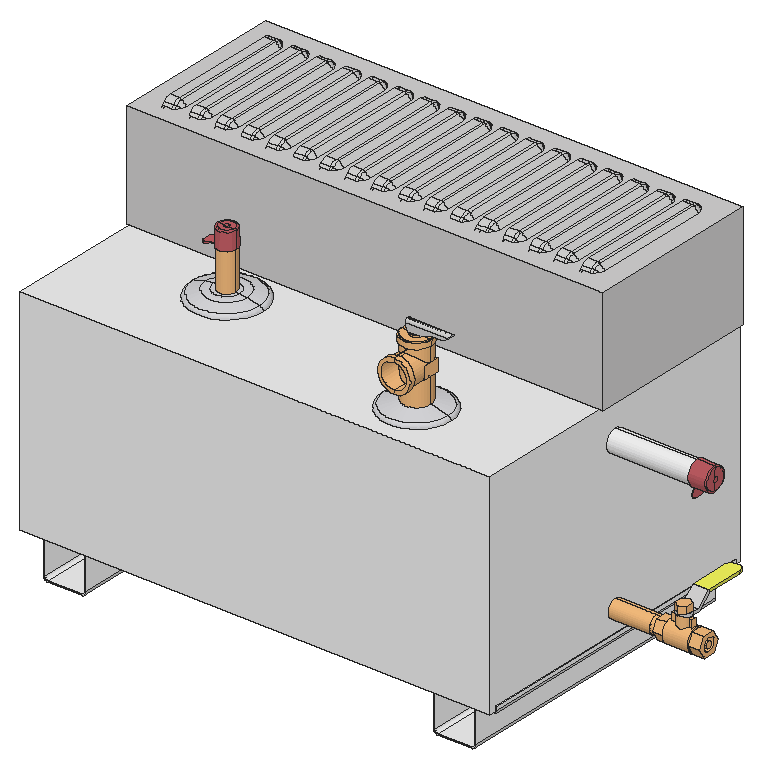
Revit family "Shower-Steam_Generator-KOHLER-Invigoration_Series-K-32328", category Plumbing Fixtures, host Face, Revit 2021
Family settings
  Host = Face
  Round Connector Dimension = Use Diameter
  Part Type = Normal
  OmniClass Number = 23.21.29.19.19
  OmniClass Title = Steam Room Equipment
  Cut with Voids When Loaded = No
  Shared = No
  Room Calculation Point = No
Parameters (values of type "NA-Stainless")
  Width = 21.85685"  # constant formula
  WaterSense Certified = 1 = 0  # no
  Waste Water Outlet = "Waste Water Outlet"  # constant formula
  Waste Connection = 1 = 1  # yes
  Voltage = 0 V
  Vent Connection = 1 = 1  # yes
  URL = "https://www.us.kohler.com/us/"
  Type = 1
  Steam Outlet = "Steam Outlet"  # constant formula
  Steam Connection = 1 = 1  # yes
  Product Page URL = "http://www.us.kohler.com/us/catalog/productDetails.jsp?productNumber=32328"
  Product Name = "Invigoration Series"  # constant formula
  Product Documentation Link = "https://www.us.kohler.com/webassets/kpna/catalog/pdf/en/K-32328_spec_US-CA_Kohler_en.pdf"
  Pressure Relief = "Pressure Relief"  # constant formula
  Pressure = 0.00 psi
  Model = "K-32328-NA"  # constant formula
  Material = "Premium Metal Construction"  # constant formula
  Master Format 2014 Name = "Residential Faucets, Supplies, and Trim"  # constant formula
  Master Format 2014 = "22 41 39"  # constant formula
  Manufacturer Address = "444 Highland Dr, Kohler, WI 53044"  # constant formula
  Manufacturer = "Kohler Co."  # constant formula
  Length = 11.73622"  # constant formula
  Hot Water Inlet = "Hot Water Inlet"  # constant formula
  Height = 13.73508"  # constant formula
  Handle Clearance 2 = 1.34409"  # constant formula
  Handle Clearance 1 = 2.54787"  # constant formula
  HW Connection = 1 = 1  # yes
  Flow Rate = 0 GPM
  Finish = Kohler-Metal-NA-Anodized_Aluminum
  Environmental Product Declaration = ""
  Electrical Note = "One Dedicated Circuit Required"  # constant formula
  Electrical Connector = 1 = 1  # yes
  Drain Included = 1 = 1  # yes
  Description = "13 KW Steam Generator"  # constant formula
  Default Elevation = 0"
  Declare Label = ""
  Date Modified = "04/30/2024"  # constant formula
  Date Created = "04/30/2024"  # constant formula
  Copyright = "Copyright Kohler Co."  # constant formula
  Contact Us = "https://www.us.kohler.com/us/static/contact.jsp"
  Cold Water Inlet = "Cold Water Inlet"  # constant formula
  CW Connection = 1 = 1  # yes
  Assembly Code = "D2010"
  Apparent Load = 13000 VA  # constant formula
  ADA Compliant = 1 = 0  # no
Reference planes (in)
  plane 1 "Center (Front/Back)": y = 0
  plane 2: z = 0
  plane 3 "Center (Left/Right)": x = 0
  plane 4: y = 5.86811
  plane 5: x = -9.04331
  plane 6: x = -9.22301
  plane 7: x = 12.63384
  plane 8: y = -3.99879
  plane 9: y = -2.30118
  plane 10: z = 13.73508
  plane 11: z = 1.53543
  plane 12: z = 2.55906
  plane 13: z = 8.22441
  plane 14: z = 11.10236
  plane 15: x = 4.59843
  plane 16: y = -0.70669
  plane 17: y = -5.86811
  plane 18: x = -4.07087
  plane 19: x = 8.9685
  plane 20: x = -8.9685
  plane 21: z = 9.56693
  plane 22: z = 11.98538
  plane 23: x = 8.86614
  plane 24: z = 13.53937
  plane 25: y = 5.62992
  plane 26: y = -5.63976
  plane 27: y = 2.53801
  plane 28: x = 5.94252
  plane 29: y = -0.00986
  plane 30: x = -3.91208
  plane 31: y = -5.06881
  plane 32: x = 12.39272
  plane 33: z = 6.91806
  plane 34: y = 1.4764
Dimensions and locks (in)
  plane 4 to plane 1 "Center (Front/Back)" = 5.86811"
  "Length": plane 4 to plane 17
  plane 9 to plane 17 = 3.56693"
  nested 1 to plane 18 = 4.89764"
  plane 15 to plane 19 = 4.37008"
  plane 8 to plane 17 = 1.86932"
  plane 20 to plane 19 = 17.93701"
  nested 1 to nested 1 = 2.41845"
  nested 1 to plane 7 = 3.7677"
  plane 13 to host face = 8.22441"
  plane 11 to host face = 1.53543"
  nested 1 to host face = 13.53937"
  plane 21 to plane 14 = 1.53543"
  plane 4 to plane 16 = 6.5748"
  host face to plane 24 = 13.53937"
  host face to plane 12 = 2.55906"
  plane 21 to host face = 9.56693"
  "Handle Clearance 1": plane 27 to plane 29
  "Handle Clearance 2": plane 15 to plane 28
  "Width": plane 6 to plane 7
  "Height": plane 10 to level
  aligned and locked: plane 2 to host face
  aligned and locked: level to host face
Automatic sketch dimensions
  host sketch curve to host sketch curve = 96"  (x2)
Nested families (in)
  nested 1: "K-32328" at (0, 0, 0), type "K-32328"
Connectors (in)
  piping at (12.63386, 0, 8.22441), diameter 0.5, driven by "Steam Connection", driven by "Steam Outlet"
    settings: on nested 1, index 1, connector inside diameter 24", connector length 0", flow factor 0, pipe flow 0 GPM, pressure drop 0.00 psi, fitting loss kfactor 0, connector angle 0.00°, fixture units 0, engagement length 0", angle of deflection 0.00°, flow configuration 0, flow direction 2, fitting loss method 0, system type 22, joint type 0, gender type 0, connector reference index -1, connector utility 1, adjustable connector no, is connector primary yes, connector description "Steam Outlet"
  piping at (-3.91208, -2.30118, 11.98538), diameter 0.375, driven by "CW Connection", driven by "Cold Water Inlet"
    settings: on nested 1, index 2, connector inside diameter 24", connector length 0", flow factor 0, pipe flow 0 GPM, pressure drop 0.00 psi, fitting loss kfactor 0, connector angle 0.00°, fixture units 0, engagement length 0", angle of deflection 0.00°, flow configuration 0, flow direction 1, fitting loss method 0, system type 22, joint type 0, gender type 0, connector reference index -1, connector utility 1, adjustable connector no, is connector primary no, connector description "Cold Water Inlet"
  piping at (4.59843, -5.06871, 11.10236), diameter 0.375, driven by "Vent Connection", driven by "Pressure Relief"
    settings: on nested 1, index 3, connector inside diameter 24", connector length 0", flow factor 0, pipe flow 0 GPM, pressure drop 0.00 psi, fitting loss kfactor 0, connector angle 0.00°, fixture units 0, engagement length 0", angle of deflection 0.00°, flow configuration 0, flow direction 2, fitting loss method 0, system type 17, joint type 0, gender type 0, connector reference index -1, connector utility 1, adjustable connector no, is connector primary no, connector description "Pressure Relief"
  electrical at (-8.84787, 1.4764, 6.91806), driven by "Apparent Load", driven by "Electrical Connector", driven by "Electrical Note"
    settings: on nested 1, index 5, voltage 0 V, apparent load 13000 VA, apparent load phase1 0 VA, apparent load phase2 0 VA, apparent load phase3 0 VA, power factor 1, load classification "Power", number of poles 1, system type 30, power factor state 1, is connector primary yes, connector utility yes, sub classification motor no, connector description "One Dedicated Circuit Required"
  piping at (12.39272, -0.00984, 2.55906), diameter 0.375, driven by "Waste Connection", driven by "Waste Water Outlet"
    settings: on nested 1, index 6, connector inside diameter 24", connector length 0", flow factor 0, pipe flow 0 GPM, pressure drop 0.00 psi, fitting loss kfactor 0, connector angle 0.00°, fixture units 0, engagement length 0", angle of deflection 0.00°, flow configuration 0, flow direction 2, fitting loss method 0, system type 16, joint type 0, gender type 0, connector reference index -1, connector utility 1, adjustable connector no, is connector primary no, connector description "Waste Water Outlet"
Definition of nested family "K-32328"
  Parameters
    Material = none
    Default Elevation = 0"
  Reference planes (in)
    plane 1 "Center (Front/Back)": y = 0
    plane 2: z = 0
    plane 3 "Center (Left/Right)": x = 0
    plane 4: x = 8.9685
    plane 5: x = -8.9685
    plane 6: x = 12.63386
    plane 7: x = 8.86614
    plane 8: z = 13.53937
    plane 9: z = 1.53543
    plane 10: z = 8.22441
    plane 11: x = 12.39272
    plane 12: z = 9.56693
    plane 13: z = 2.55906
    plane 14: z = 11.10236
    plane 15: y = 5.86811
    plane 16: y = -5.86811
    plane 17: y = -0.00984
    plane 18: x = -4.07087
    plane 19 "FF": x = 4.59843
    plane 20 "revv": y = -2.30118
    plane 21: y = -0.70669
    plane 22 "ff": y = -3.99879
    plane 23: z = 6.91806
    plane 24: y = 1.4764
    plane 25: y = 0.82679
    plane 26: y = 0.13782
    plane 27 "scrr": y = 5.67129
    plane 28: x = -9.04331
    plane 29: x = -9.22301
    plane 30: z = 13.73509
    plane 31: x = -3.91208
    plane 32: z = 11.98538
    plane 33: y = -5.63976
    plane 34: y = 5.62992
    plane 35: y = 2.53801
    plane 36: x = 5.9425
  Forms (in)
    Extrusion 1, solid, material <- "Material"
      sketch origin (0, 0, 0) x (1, 0, 0) y (0, 0, 1)
        loop
          line (-8.12992, 1.37672) -> (-8.12992, 0.15625)
          arc (-8.12992, 0.15625) -> (-8.0838, 0.04489) -> (-7.97244, -0.00123) r 0.15748
          line (-7.97244, -0.00123) -> (-6.70472, -0.00123)
          arc (-6.70472, -0.00123) -> (-6.59337, 0.04489) -> (-6.54724, 0.15625) r 0.15748
          line (-6.54724, 0.15625) -> (-6.54724, 1.37672)
          arc (-6.54724, 1.37672) -> (-6.51265, 1.46024) -> (-6.42913, 1.49483) r 0.11811
          line (-6.42913, 1.49483) -> (-6.0748, 1.49483) -> (-6.0748, 1.5342) -> (-6.42913, 1.5342)
          arc (-6.42913, 1.5342) -> (-6.54049, 1.48808) -> (-6.58661, 1.37672) r 0.15748
          line (-6.58661, 1.37672) -> (-6.58661, 0.15625)
          arc (-6.58661, 0.15625) -> (-6.62121, 0.07273) -> (-6.70472, 0.03814) r 0.11811
          line (-6.70472, 0.03814) -> (-7.97244, 0.03814)
          arc (-7.97244, 0.03814) -> (-8.05596, 0.07273) -> (-8.09055, 0.15625) r 0.11811
          line (-8.09055, 0.15625) -> (-8.09055, 1.37672)
          arc (-8.09055, 1.37672) -> (-8.13668, 1.48808) -> (-8.24803, 1.5342) r 0.15748
          line (-8.24803, 1.5342) -> (-8.84252, 1.5342)
          arc (-8.84252, 1.5342) -> (-8.87036, 1.54573) -> (-8.88189, 1.57357) r 0.03937
          line (-8.88189, 1.57357) -> (-8.88189, 1.73105) -> (-8.92126, 1.73105) -> (-8.92126, 1.57357)
          arc (-8.92126, 1.57357) -> (-8.8982, 1.5179) -> (-8.84252, 1.49483) r 0.07874
          line (-8.84252, 1.49483) -> (-8.24803, 1.49483)
          arc (-8.24803, 1.49483) -> (-8.16451, 1.46024) -> (-8.12992, 1.37672) r 0.11811
        loop
          line (6.58661, 0.15625) -> (6.58661, 1.37672)
          arc (6.58661, 1.37672) -> (6.54049, 1.48808) -> (6.42913, 1.5342) r 0.15748
          line (6.42913, 1.5342) -> (6.0748, 1.5342) -> (6.0748, 1.49483) -> (6.42913, 1.49483)
          arc (6.42913, 1.49483) -> (6.51265, 1.46024) -> (6.54724, 1.37672) r 0.11811
          line (6.54724, 1.37672) -> (6.54724, 0.15625)
          arc (6.54724, 0.15625) -> (6.59337, 0.04489) -> (6.70472, -0.00123) r 0.15748
          line (6.70472, -0.00123) -> (7.97244, -0.00123)
          arc (7.97244, -0.00123) -> (8.0838, 0.04489) -> (8.12992, 0.15625) r 0.15748
          line (8.12992, 0.15625) -> (8.12992, 1.37672)
          arc (8.12992, 1.37672) -> (8.16451, 1.46024) -> (8.24803, 1.49483) r 0.11811
          line (8.24803, 1.49483) -> (8.84252, 1.49483)
          arc (8.84252, 1.49483) -> (8.8982, 1.5179) -> (8.92126, 1.57357) r 0.07874
          line (8.92126, 1.57357) -> (8.92126, 1.73105) -> (8.88189, 1.73105) -> (8.88189, 1.57357)
          arc (8.88189, 1.57357) -> (8.87036, 1.54573) -> (8.84252, 1.5342) r 0.03937
          line (8.84252, 1.5342) -> (8.24803, 1.5342)
          arc (8.24803, 1.5342) -> (8.13668, 1.48808) -> (8.09055, 1.37672) r 0.15748
          line (8.09055, 1.37672) -> (8.09055, 0.15625)
          arc (8.09055, 0.15625) -> (8.05596, 0.07273) -> (7.97244, 0.03814) r 0.11811
          line (7.97244, 0.03814) -> (6.70472, 0.03814)
          arc (6.70472, 0.03814) -> (6.62121, 0.07273) -> (6.58661, 0.15625) r 0.11811
      from -5.6201 to 5.63974
    Extrusion 2, solid, material <- "Material", detail levels medium+fine
      sketch origin (0, 0, 0) x (1, 0, 0) y (0, 1, 0)
        loop
          line (-8.84787, -5.86811) -> (8.84399, -5.86811) -> (8.84399, 5.86811) -> (-8.84787, 5.86811) -> (-8.84787, -5.86811)
      from 1.5342 to 9.5657
    Extrusion 3, solid, detail levels medium+fine
      sketch origin (0, 0, 0) x (1, 0, 0) y (0, 1, 0)
        loop
          line (8.9685, -0.70667) -> (8.9685, 5.86813) -> (-8.9685, 5.86813) -> (-8.9685, -0.70667) -> (8.9685, -0.70667)
      from 9.5657 to 13.53814
    Sweep 4, solid, detail levels medium+fine
      path origin (0, 0, 0) x (0, 1, 0) y (0, 0, 1)
        loop
          line (5.18847, 13.50127) -> (5.07006, 13.61968)
          arc (5.07006, 13.61968) -> (4.94233, 13.70502) -> (4.79167, 13.73499) r 0.3937
          line (4.79167, 13.73499) -> (0.36979, 13.73499)
          arc (0.36979, 13.73499) -> (0.21913, 13.70502) -> (0.0914, 13.61968) r 0.3937
          line (0.0914, 13.61968) -> (-0.04723, 13.48104)
      profile origin (0, 2.58073, 13.73499) x (0, 0, -1) y (1, 0, 0)
        loop
          line (0, 0.04163) -> (0, -0.30315) -> (0.03459, -0.30315) -> (0.03459, 0.0068)
          arc (0.03459, 0.0068) -> (0.04477, 0.05794) -> (0.07373, 0.10129) r 0.13363
          line (0.07373, 0.10129) -> (0.21223, 0.23979) -> (0.21223, 0.30278) -> (0.03459, 0.12514)
          arc (0.03459, 0.12514) -> (0.00899, 0.08683) -> (0, 0.04163) r 0.11811
    Sweep 5, solid, detail levels medium+fine
      path origin (0.98425, 0, 0) x (0, 1, 0) y (0, 0, 1)
        loop
          line (5.18847, 13.50127) -> (5.07006, 13.61968)
          arc (5.07006, 13.61968) -> (4.94233, 13.70502) -> (4.79167, 13.73499) r 0.3937
          line (4.79167, 13.73499) -> (0.36979, 13.73499)
          arc (0.36979, 13.73499) -> (0.21913, 13.70502) -> (0.0914, 13.61968) r 0.3937
          line (0.0914, 13.61968) -> (-0.04723, 13.48104)
      profile origin (0.98425, 2.58073, 13.73499) x (0, 0, -1) y (1, 0, 0)
        loop
          line (0, 0.04163) -> (0, -0.30315) -> (0.03459, -0.30315) -> (0.03459, 0.0068)
          arc (0.03459, 0.0068) -> (0.04477, 0.05794) -> (0.07373, 0.10129) r 0.13363
          line (0.07373, 0.10129) -> (0.21223, 0.23979) -> (0.21223, 0.30278) -> (0.03459, 0.12514)
          arc (0.03459, 0.12514) -> (0.00899, 0.08683) -> (0, 0.04163) r 0.11811
    Sweep 6, solid, detail levels medium+fine
      path origin (1.9685, 0, 0) x (0, 1, 0) y (0, 0, 1)
        loop
          line (5.18847, 13.50127) -> (5.07006, 13.61968)
          arc (5.07006, 13.61968) -> (4.94233, 13.70502) -> (4.79167, 13.73499) r 0.3937
          line (4.79167, 13.73499) -> (0.36979, 13.73499)
          arc (0.36979, 13.73499) -> (0.21913, 13.70502) -> (0.0914, 13.61968) r 0.3937
          line (0.0914, 13.61968) -> (-0.04723, 13.48104)
      profile origin (1.9685, 2.58073, 13.73499) x (0, 0, -1) y (1, 0, 0)
        loop
          line (0, 0.04163) -> (0, -0.30315) -> (0.03459, -0.30315) -> (0.03459, 0.0068)
          arc (0.03459, 0.0068) -> (0.04477, 0.05794) -> (0.07373, 0.10129) r 0.13363
          line (0.07373, 0.10129) -> (0.21223, 0.23979) -> (0.21223, 0.30278) -> (0.03459, 0.12514)
          arc (0.03459, 0.12514) -> (0.00899, 0.08683) -> (0, 0.04163) r 0.11811
    Sweep 7, solid, detail levels medium+fine
      path origin (2.95276, 0, 0) x (0, 1, 0) y (0, 0, 1)
        loop
          line (5.18847, 13.50127) -> (5.07006, 13.61968)
          arc (5.07006, 13.61968) -> (4.94233, 13.70502) -> (4.79167, 13.73499) r 0.3937
          line (4.79167, 13.73499) -> (0.36979, 13.73499)
          arc (0.36979, 13.73499) -> (0.21913, 13.70502) -> (0.0914, 13.61968) r 0.3937
          line (0.0914, 13.61968) -> (-0.04723, 13.48104)
      profile origin (2.95276, 2.58073, 13.73499) x (0, 0, -1) y (1, 0, 0)
        loop
          line (0, 0.04163) -> (0, -0.30315) -> (0.03459, -0.30315) -> (0.03459, 0.0068)
          arc (0.03459, 0.0068) -> (0.04477, 0.05794) -> (0.07373, 0.10129) r 0.13363
          line (0.07373, 0.10129) -> (0.21223, 0.23979) -> (0.21223, 0.30278) -> (0.03459, 0.12514)
          arc (0.03459, 0.12514) -> (0.00899, 0.08683) -> (0, 0.04163) r 0.11811
    Sweep 8, solid, detail levels medium+fine
      path origin (3.93701, 0, 0) x (0, 1, 0) y (0, 0, 1)
        loop
          line (5.18847, 13.50127) -> (5.07006, 13.61968)
          arc (5.07006, 13.61968) -> (4.94233, 13.70502) -> (4.79167, 13.73499) r 0.3937
          line (4.79167, 13.73499) -> (0.36979, 13.73499)
          arc (0.36979, 13.73499) -> (0.21913, 13.70502) -> (0.0914, 13.61968) r 0.3937
          line (0.0914, 13.61968) -> (-0.04723, 13.48104)
      profile origin (3.93701, 2.58073, 13.73499) x (0, 0, -1) y (1, 0, 0)
        loop
          line (0, 0.04163) -> (0, -0.30315) -> (0.03459, -0.30315) -> (0.03459, 0.0068)
          arc (0.03459, 0.0068) -> (0.04477, 0.05794) -> (0.07373, 0.10129) r 0.13363
          line (0.07373, 0.10129) -> (0.21223, 0.23979) -> (0.21223, 0.30278) -> (0.03459, 0.12514)
          arc (0.03459, 0.12514) -> (0.00899, 0.08683) -> (0, 0.04163) r 0.11811
    Sweep 9, solid, detail levels medium+fine
      path origin (4.92126, 0, 0) x (0, 1, 0) y (0, 0, 1)
        loop
          line (5.18847, 13.50127) -> (5.07006, 13.61968)
          arc (5.07006, 13.61968) -> (4.94233, 13.70502) -> (4.79167, 13.73499) r 0.3937
          line (4.79167, 13.73499) -> (0.36979, 13.73499)
          arc (0.36979, 13.73499) -> (0.21913, 13.70502) -> (0.0914, 13.61968) r 0.3937
          line (0.0914, 13.61968) -> (-0.04723, 13.48104)
      profile origin (4.92126, 2.58073, 13.73499) x (0, 0, -1) y (1, 0, 0)
        loop
          line (0, 0.04163) -> (0, -0.30315) -> (0.03459, -0.30315) -> (0.03459, 0.0068)
          arc (0.03459, 0.0068) -> (0.04477, 0.05794) -> (0.07373, 0.10129) r 0.13363
          line (0.07373, 0.10129) -> (0.21223, 0.23979) -> (0.21223, 0.30278) -> (0.03459, 0.12514)
          arc (0.03459, 0.12514) -> (0.00899, 0.08683) -> (0, 0.04163) r 0.11811
    Sweep 10, solid, detail levels medium+fine
      path origin (5.90551, 0, 0) x (0, 1, 0) y (0, 0, 1)
        loop
          line (5.18847, 13.50127) -> (5.07006, 13.61968)
          arc (5.07006, 13.61968) -> (4.94233, 13.70502) -> (4.79167, 13.73499) r 0.3937
          line (4.79167, 13.73499) -> (0.36979, 13.73499)
          arc (0.36979, 13.73499) -> (0.21913, 13.70502) -> (0.0914, 13.61968) r 0.3937
          line (0.0914, 13.61968) -> (-0.04723, 13.48104)
      profile origin (5.90551, 2.58073, 13.73499) x (0, 0, -1) y (1, 0, 0)
        loop
          line (0, 0.04163) -> (0, -0.30315) -> (0.03459, -0.30315) -> (0.03459, 0.0068)
          arc (0.03459, 0.0068) -> (0.04477, 0.05794) -> (0.07373, 0.10129) r 0.13363
          line (0.07373, 0.10129) -> (0.21223, 0.23979) -> (0.21223, 0.30278) -> (0.03459, 0.12514)
          arc (0.03459, 0.12514) -> (0.00899, 0.08683) -> (0, 0.04163) r 0.11811
    Sweep 11, solid, detail levels medium+fine
      path origin (6.88976, 0, 0) x (0, 1, 0) y (0, 0, 1)
        loop
          line (5.18847, 13.50127) -> (5.07006, 13.61968)
          arc (5.07006, 13.61968) -> (4.94233, 13.70502) -> (4.79167, 13.73499) r 0.3937
          line (4.79167, 13.73499) -> (0.36979, 13.73499)
          arc (0.36979, 13.73499) -> (0.21913, 13.70502) -> (0.0914, 13.61968) r 0.3937
          line (0.0914, 13.61968) -> (-0.04723, 13.48104)
      profile origin (6.88976, 2.58073, 13.73499) x (0, 0, -1) y (1, 0, 0)
        loop
          line (0, 0.04163) -> (0, -0.30315) -> (0.03459, -0.30315) -> (0.03459, 0.0068)
          arc (0.03459, 0.0068) -> (0.04477, 0.05794) -> (0.07373, 0.10129) r 0.13363
          line (0.07373, 0.10129) -> (0.21223, 0.23979) -> (0.21223, 0.30278) -> (0.03459, 0.12514)
          arc (0.03459, 0.12514) -> (0.00899, 0.08683) -> (0, 0.04163) r 0.11811
    Sweep 12, solid, detail levels medium+fine
      path origin (7.87402, 0, 0) x (0, 1, 0) y (0, 0, 1)
        loop
          line (5.18847, 13.50127) -> (5.07006, 13.61968)
          arc (5.07006, 13.61968) -> (4.94233, 13.70502) -> (4.79167, 13.73499) r 0.3937
          line (4.79167, 13.73499) -> (0.36979, 13.73499)
          arc (0.36979, 13.73499) -> (0.21913, 13.70502) -> (0.0914, 13.61968) r 0.3937
          line (0.0914, 13.61968) -> (-0.04723, 13.48104)
      profile origin (7.87402, 2.58073, 13.73499) x (0, 0, -1) y (1, 0, 0)
        loop
          line (0, 0.04163) -> (0, -0.30315) -> (0.03459, -0.30315) -> (0.03459, 0.0068)
          arc (0.03459, 0.0068) -> (0.04477, 0.05794) -> (0.07373, 0.10129) r 0.13363
          line (0.07373, 0.10129) -> (0.21223, 0.23979) -> (0.21223, 0.30278) -> (0.03459, 0.12514)
          arc (0.03459, 0.12514) -> (0.00899, 0.08683) -> (0, 0.04163) r 0.11811
    Sweep 13, solid, detail levels medium+fine
      path origin (-0.98425, 0, 0) x (0, 1, 0) y (0, 0, 1)
        loop
          line (5.18847, 13.50127) -> (5.07006, 13.61968)
          arc (5.07006, 13.61968) -> (4.94233, 13.70502) -> (4.79167, 13.73499) r 0.3937
          line (4.79167, 13.73499) -> (0.36979, 13.73499)
          arc (0.36979, 13.73499) -> (0.21913, 13.70502) -> (0.0914, 13.61968) r 0.3937
          line (0.0914, 13.61968) -> (-0.04723, 13.48104)
      profile origin (-0.98425, 2.58073, 13.73499) x (0, 0, -1) y (1, 0, 0)
        loop
          line (0, 0.04163) -> (0, -0.30315) -> (0.03459, -0.30315) -> (0.03459, 0.0068)
          arc (0.03459, 0.0068) -> (0.04477, 0.05794) -> (0.07373, 0.10129) r 0.13363
          line (0.07373, 0.10129) -> (0.21223, 0.23979) -> (0.21223, 0.30278) -> (0.03459, 0.12514)
          arc (0.03459, 0.12514) -> (0.00899, 0.08683) -> (0, 0.04163) r 0.11811
    Sweep 14, solid, detail levels medium+fine
      path origin (-1.9685, 0, 0) x (0, 1, 0) y (0, 0, 1)
        loop
          line (5.18847, 13.50127) -> (5.07006, 13.61968)
          arc (5.07006, 13.61968) -> (4.94233, 13.70502) -> (4.79167, 13.73499) r 0.3937
          line (4.79167, 13.73499) -> (0.36979, 13.73499)
          arc (0.36979, 13.73499) -> (0.21913, 13.70502) -> (0.0914, 13.61968) r 0.3937
          line (0.0914, 13.61968) -> (-0.04723, 13.48104)
      profile origin (-1.9685, 2.58073, 13.73499) x (0, 0, -1) y (1, 0, 0)
        loop
          line (0, 0.04163) -> (0, -0.30315) -> (0.03459, -0.30315) -> (0.03459, 0.0068)
          arc (0.03459, 0.0068) -> (0.04477, 0.05794) -> (0.07373, 0.10129) r 0.13363
          line (0.07373, 0.10129) -> (0.21223, 0.23979) -> (0.21223, 0.30278) -> (0.03459, 0.12514)
          arc (0.03459, 0.12514) -> (0.00899, 0.08683) -> (0, 0.04163) r 0.11811
    Sweep 15, solid, detail levels medium+fine
      path origin (-2.95276, 0, 0) x (0, 1, 0) y (0, 0, 1)
        loop
          line (5.18847, 13.50127) -> (5.07006, 13.61968)
          arc (5.07006, 13.61968) -> (4.94233, 13.70502) -> (4.79167, 13.73499) r 0.3937
          line (4.79167, 13.73499) -> (0.36979, 13.73499)
          arc (0.36979, 13.73499) -> (0.21913, 13.70502) -> (0.0914, 13.61968) r 0.3937
          line (0.0914, 13.61968) -> (-0.04723, 13.48104)
      profile origin (-2.95276, 2.58073, 13.73499) x (0, 0, -1) y (1, 0, 0)
        loop
          line (0, 0.04163) -> (0, -0.30315) -> (0.03459, -0.30315) -> (0.03459, 0.0068)
          arc (0.03459, 0.0068) -> (0.04477, 0.05794) -> (0.07373, 0.10129) r 0.13363
          line (0.07373, 0.10129) -> (0.21223, 0.23979) -> (0.21223, 0.30278) -> (0.03459, 0.12514)
          arc (0.03459, 0.12514) -> (0.00899, 0.08683) -> (0, 0.04163) r 0.11811
    Sweep 16, solid, detail levels medium+fine
      path origin (-3.93701, 0, 0) x (0, 1, 0) y (0, 0, 1)
        loop
          line (5.18847, 13.50127) -> (5.07006, 13.61968)
          arc (5.07006, 13.61968) -> (4.94233, 13.70502) -> (4.79167, 13.73499) r 0.3937
          line (4.79167, 13.73499) -> (0.36979, 13.73499)
          arc (0.36979, 13.73499) -> (0.21913, 13.70502) -> (0.0914, 13.61968) r 0.3937
          line (0.0914, 13.61968) -> (-0.04723, 13.48104)
      profile origin (-3.93701, 2.58073, 13.73499) x (0, 0, -1) y (1, 0, 0)
        loop
          line (0, 0.04163) -> (0, -0.30315) -> (0.03459, -0.30315) -> (0.03459, 0.0068)
          arc (0.03459, 0.0068) -> (0.04477, 0.05794) -> (0.07373, 0.10129) r 0.13363
          line (0.07373, 0.10129) -> (0.21223, 0.23979) -> (0.21223, 0.30278) -> (0.03459, 0.12514)
          arc (0.03459, 0.12514) -> (0.00899, 0.08683) -> (0, 0.04163) r 0.11811
    Sweep 17, solid, detail levels medium+fine
      path origin (-4.92126, 0, 0) x (0, 1, 0) y (0, 0, 1)
        loop
          line (5.18847, 13.50127) -> (5.07006, 13.61968)
          arc (5.07006, 13.61968) -> (4.94233, 13.70502) -> (4.79167, 13.73499) r 0.3937
          line (4.79167, 13.73499) -> (0.36979, 13.73499)
          arc (0.36979, 13.73499) -> (0.21913, 13.70502) -> (0.0914, 13.61968) r 0.3937
          line (0.0914, 13.61968) -> (-0.04723, 13.48104)
      profile origin (-4.92126, 2.58073, 13.73499) x (0, 0, -1) y (1, 0, 0)
        loop
          line (0, 0.04163) -> (0, -0.30315) -> (0.03459, -0.30315) -> (0.03459, 0.0068)
          arc (0.03459, 0.0068) -> (0.04477, 0.05794) -> (0.07373, 0.10129) r 0.13363
          line (0.07373, 0.10129) -> (0.21223, 0.23979) -> (0.21223, 0.30278) -> (0.03459, 0.12514)
          arc (0.03459, 0.12514) -> (0.00899, 0.08683) -> (0, 0.04163) r 0.11811
    Sweep 18, solid, detail levels medium+fine
      path origin (-5.90551, 0, 0) x (0, 1, 0) y (0, 0, 1)
        loop
          line (5.18847, 13.50127) -> (5.07006, 13.61968)
          arc (5.07006, 13.61968) -> (4.94233, 13.70502) -> (4.79167, 13.73499) r 0.3937
          line (4.79167, 13.73499) -> (0.36979, 13.73499)
          arc (0.36979, 13.73499) -> (0.21913, 13.70502) -> (0.0914, 13.61968) r 0.3937
          line (0.0914, 13.61968) -> (-0.04723, 13.48104)
      profile origin (-5.90551, 2.58073, 13.73499) x (0, 0, -1) y (1, 0, 0)
        loop
          line (0, 0.04163) -> (0, -0.30315) -> (0.03459, -0.30315) -> (0.03459, 0.0068)
          arc (0.03459, 0.0068) -> (0.04477, 0.05794) -> (0.07373, 0.10129) r 0.13363
          line (0.07373, 0.10129) -> (0.21223, 0.23979) -> (0.21223, 0.30278) -> (0.03459, 0.12514)
          arc (0.03459, 0.12514) -> (0.00899, 0.08683) -> (0, 0.04163) r 0.11811
    Sweep 19, solid, detail levels medium+fine
      path origin (-6.88976, 0, 0) x (0, 1, 0) y (0, 0, 1)
        loop
          line (5.18847, 13.50127) -> (5.07006, 13.61968)
          arc (5.07006, 13.61968) -> (4.94233, 13.70502) -> (4.79167, 13.73499) r 0.3937
          line (4.79167, 13.73499) -> (0.36979, 13.73499)
          arc (0.36979, 13.73499) -> (0.21913, 13.70502) -> (0.0914, 13.61968) r 0.3937
          line (0.0914, 13.61968) -> (-0.04723, 13.48104)
      profile origin (-6.88976, 2.58073, 13.73499) x (0, 0, -1) y (1, 0, 0)
        loop
          line (0, 0.04163) -> (0, -0.30315) -> (0.03459, -0.30315) -> (0.03459, 0.0068)
          arc (0.03459, 0.0068) -> (0.04477, 0.05794) -> (0.07373, 0.10129) r 0.13363
          line (0.07373, 0.10129) -> (0.21223, 0.23979) -> (0.21223, 0.30278) -> (0.03459, 0.12514)
          arc (0.03459, 0.12514) -> (0.00899, 0.08683) -> (0, 0.04163) r 0.11811
    Sweep 20, solid, detail levels medium+fine
      path origin (-7.87402, 0, 0) x (0, 1, 0) y (0, 0, 1)
        loop
          line (5.18847, 13.50127) -> (5.07006, 13.61968)
          arc (5.07006, 13.61968) -> (4.94233, 13.70502) -> (4.79167, 13.73499) r 0.3937
          line (4.79167, 13.73499) -> (0.36979, 13.73499)
          arc (0.36979, 13.73499) -> (0.21913, 13.70502) -> (0.0914, 13.61968) r 0.3937
          line (0.0914, 13.61968) -> (-0.04723, 13.48104)
      profile origin (-7.87402, 2.58073, 13.73499) x (0, 0, -1) y (1, 0, 0)
        loop
          line (0, 0.04163) -> (0, -0.30315) -> (0.03459, -0.30315) -> (0.03459, 0.0068)
          arc (0.03459, 0.0068) -> (0.04477, 0.05794) -> (0.07373, 0.10129) r 0.13363
          line (0.07373, 0.10129) -> (0.21223, 0.23979) -> (0.21223, 0.30278) -> (0.03459, 0.12514)
          arc (0.03459, 0.12514) -> (0.00899, 0.08683) -> (0, 0.04163) r 0.11811
    Sweep 21, solid, material <- "Material", detail levels medium+fine
      path origin (0, 0, 0) x (1, 0, 0) y (0, 1, 0)
        loop
          line (-8.84799, 5.23306) -> (-8.94543, 5.13562)
          arc (-8.94543, 5.13562) -> (-9.01797, 5.02705) -> (-9.04344, 4.89899) r 0.33465
          line (-9.04344, 4.89899) -> (-9.04344, 3.17511)
          arc (-9.04344, 3.17511) -> (-9.01797, 3.04705) -> (-8.94543, 2.93848) r 0.33465
          line (-8.94543, 2.93848) -> (-8.84799, 2.84105)
      profile origin (-9.04344, 4.03705, 0) x (1, 0, 0) y (0, 0, 1)
        loop
          line (0.23864, 8.11393) -> (0.07253, 7.94782)
          arc (0.07253, 7.94782) -> (0.01885, 7.86748) -> (0, 7.77272) r 0.24764
          line (0, 7.77272) -> (0, 7.46624) -> (0.03182, 7.46624) -> (0.03182, 7.78171)
          arc (0.03182, 7.78171) -> (0.04457, 7.84578) -> (0.08086, 7.9001) r 0.16743
          line (0.08086, 7.9001) -> (0.23864, 8.05788) -> (0.23864, 8.11393)
    Sweep 22, solid, material <- "Material", detail levels medium+fine
      path origin (0, 0, -1.04577) x (1, 0, 0) y (0, 1, 0)
        loop
          line (-8.84799, 5.23306) -> (-8.94543, 5.13562)
          arc (-8.94543, 5.13562) -> (-9.01797, 5.02705) -> (-9.04344, 4.89899) r 0.33465
          line (-9.04344, 4.89899) -> (-9.04344, 3.17511)
          arc (-9.04344, 3.17511) -> (-9.01797, 3.04705) -> (-8.94543, 2.93848) r 0.33465
          line (-8.94543, 2.93848) -> (-8.84799, 2.84105)
      profile origin (-9.04344, 4.03705, -1.04577) x (1, 0, 0) y (0, 0, 1)
        loop
          line (0.23864, 8.11393) -> (0.07253, 7.94782)
          arc (0.07253, 7.94782) -> (0.01885, 7.86748) -> (0, 7.77272) r 0.24764
          line (0, 7.77272) -> (0, 7.46624) -> (0.03182, 7.46624) -> (0.03182, 7.78171)
          arc (0.03182, 7.78171) -> (0.04457, 7.84578) -> (0.08086, 7.9001) r 0.16743
          line (0.08086, 7.9001) -> (0.23864, 8.05788) -> (0.23864, 8.11393)
    Sweep 23, solid, material <- "Material", detail levels medium+fine
      path origin (0, 0, -2.08538) x (1, 0, 0) y (0, 1, 0)
        loop
          line (-8.84799, 5.23306) -> (-8.94543, 5.13562)
          arc (-8.94543, 5.13562) -> (-9.01797, 5.02705) -> (-9.04344, 4.89899) r 0.33465
          line (-9.04344, 4.89899) -> (-9.04344, 3.17511)
          arc (-9.04344, 3.17511) -> (-9.01797, 3.04705) -> (-8.94543, 2.93848) r 0.33465
          line (-8.94543, 2.93848) -> (-8.84799, 2.84105)
      profile origin (-9.04344, 4.03705, -2.08538) x (1, 0, 0) y (0, 0, 1)
        loop
          line (0.23864, 8.11393) -> (0.07253, 7.94782)
          arc (0.07253, 7.94782) -> (0.01885, 7.86748) -> (0, 7.77272) r 0.24764
          line (0, 7.77272) -> (0, 7.46624) -> (0.03182, 7.46624) -> (0.03182, 7.78171)
          arc (0.03182, 7.78171) -> (0.04457, 7.84578) -> (0.08086, 7.9001) r 0.16743
          line (0.08086, 7.9001) -> (0.23864, 8.05788) -> (0.23864, 8.11393)
    Sweep 24, solid, material <- "Material", detail levels medium+fine
      path origin (0, 0, -3.125) x (1, 0, 0) y (0, 1, 0)
        loop
          line (-8.84799, 5.23306) -> (-8.94543, 5.13562)
          arc (-8.94543, 5.13562) -> (-9.01797, 5.02705) -> (-9.04344, 4.89899) r 0.33465
          line (-9.04344, 4.89899) -> (-9.04344, 3.17511)
          arc (-9.04344, 3.17511) -> (-9.01797, 3.04705) -> (-8.94543, 2.93848) r 0.33465
          line (-8.94543, 2.93848) -> (-8.84799, 2.84105)
      profile origin (-9.04344, 4.03705, -3.125) x (1, 0, 0) y (0, 0, 1)
        loop
          line (0.23864, 8.11393) -> (0.07253, 7.94782)
          arc (0.07253, 7.94782) -> (0.01885, 7.86748) -> (0, 7.77272) r 0.24764
          line (0, 7.77272) -> (0, 7.46624) -> (0.03182, 7.46624) -> (0.03182, 7.78171)
          arc (0.03182, 7.78171) -> (0.04457, 7.84578) -> (0.08086, 7.9001) r 0.16743
          line (0.08086, 7.9001) -> (0.23864, 8.05788) -> (0.23864, 8.11393)
    Sweep 25, solid, material <- "Material", detail levels medium+fine
      path origin (0, 0, -4.18307) x (1, 0, 0) y (0, 1, 0)
        loop
          line (-8.84799, 5.23306) -> (-8.94543, 5.13562)
          arc (-8.94543, 5.13562) -> (-9.01797, 5.02705) -> (-9.04344, 4.89899) r 0.33465
          line (-9.04344, 4.89899) -> (-9.04344, 3.17511)
          arc (-9.04344, 3.17511) -> (-9.01797, 3.04705) -> (-8.94543, 2.93848) r 0.33465
          line (-8.94543, 2.93848) -> (-8.84799, 2.84105)
      profile origin (-9.04344, 4.03705, -4.18307) x (1, 0, 0) y (0, 0, 1)
        loop
          line (0.23864, 8.11393) -> (0.07253, 7.94782)
          arc (0.07253, 7.94782) -> (0.01885, 7.86748) -> (0, 7.77272) r 0.24764
          line (0, 7.77272) -> (0, 7.46624) -> (0.03182, 7.46624) -> (0.03182, 7.78171)
          arc (0.03182, 7.78171) -> (0.04457, 7.84578) -> (0.08086, 7.9001) r 0.16743
          line (0.08086, 7.9001) -> (0.23864, 8.05788) -> (0.23864, 8.11393)
    Sweep 26, solid, material <- "Material", detail levels medium+fine
      path origin (0, 0, -5.21654) x (1, 0, 0) y (0, 1, 0)
        loop
          line (-8.84799, 5.23306) -> (-8.94543, 5.13562)
          arc (-8.94543, 5.13562) -> (-9.01797, 5.02705) -> (-9.04344, 4.89899) r 0.33465
          line (-9.04344, 4.89899) -> (-9.04344, 3.17511)
          arc (-9.04344, 3.17511) -> (-9.01797, 3.04705) -> (-8.94543, 2.93848) r 0.33465
          line (-8.94543, 2.93848) -> (-8.84799, 2.84105)
      profile origin (-9.04344, 4.03705, -5.21654) x (1, 0, 0) y (0, 0, 1)
        loop
          line (0.23864, 8.11393) -> (0.07253, 7.94782)
          arc (0.07253, 7.94782) -> (0.01885, 7.86748) -> (0, 7.77272) r 0.24764
          line (0, 7.77272) -> (0, 7.46624) -> (0.03182, 7.46624) -> (0.03182, 7.78171)
          arc (0.03182, 7.78171) -> (0.04457, 7.84578) -> (0.08086, 7.9001) r 0.16743
          line (0.08086, 7.9001) -> (0.23864, 8.05788) -> (0.23864, 8.11393)
    Sweep 27, solid, material <- "Material", detail levels medium+fine
      path origin (0, -8.09547, 0) x (1, 0, 0) y (0, 1, 0)
        loop
          line (-8.84799, 5.23306) -> (-8.94543, 5.13562)
          arc (-8.94543, 5.13562) -> (-9.01797, 5.02705) -> (-9.04344, 4.89899) r 0.33465
          line (-9.04344, 4.89899) -> (-9.04344, 3.17511)
          arc (-9.04344, 3.17511) -> (-9.01797, 3.04705) -> (-8.94543, 2.93848) r 0.33465
          line (-8.94543, 2.93848) -> (-8.84799, 2.84105)
      profile origin (-9.04344, -4.05842, 0) x (1, 0, 0) y (0, 0, 1)
        loop
          line (0.23864, 8.11393) -> (0.07253, 7.94782)
          arc (0.07253, 7.94782) -> (0.01885, 7.86748) -> (0, 7.77272) r 0.24764
          line (0, 7.77272) -> (0, 7.46624) -> (0.03182, 7.46624) -> (0.03182, 7.78171)
          arc (0.03182, 7.78171) -> (0.04457, 7.84578) -> (0.08086, 7.9001) r 0.16743
          line (0.08086, 7.9001) -> (0.23864, 8.05788) -> (0.23864, 8.11393)
    Sweep 28, solid, material <- "Material", detail levels medium+fine
      path origin (0, -8.09547, -1.04577) x (1, 0, 0) y (0, 1, 0)
        loop
          line (-8.84799, 5.23306) -> (-8.94543, 5.13562)
          arc (-8.94543, 5.13562) -> (-9.01797, 5.02705) -> (-9.04344, 4.89899) r 0.33465
          line (-9.04344, 4.89899) -> (-9.04344, 3.17511)
          arc (-9.04344, 3.17511) -> (-9.01797, 3.04705) -> (-8.94543, 2.93848) r 0.33465
          line (-8.94543, 2.93848) -> (-8.84799, 2.84105)
      profile origin (-9.04344, -4.05842, -1.04577) x (1, 0, 0) y (0, 0, 1)
        loop
          line (0.23864, 8.11393) -> (0.07253, 7.94782)
          arc (0.07253, 7.94782) -> (0.01885, 7.86748) -> (0, 7.77272) r 0.24764
          line (0, 7.77272) -> (0, 7.46624) -> (0.03182, 7.46624) -> (0.03182, 7.78171)
          arc (0.03182, 7.78171) -> (0.04457, 7.84578) -> (0.08086, 7.9001) r 0.16743
          line (0.08086, 7.9001) -> (0.23864, 8.05788) -> (0.23864, 8.11393)
    Sweep 29, solid, material <- "Material", detail levels medium+fine
      path origin (0, -8.09547, -2.08538) x (1, 0, 0) y (0, 1, 0)
        loop
          line (-8.84799, 5.23306) -> (-8.94543, 5.13562)
          arc (-8.94543, 5.13562) -> (-9.01797, 5.02705) -> (-9.04344, 4.89899) r 0.33465
          line (-9.04344, 4.89899) -> (-9.04344, 3.17511)
          arc (-9.04344, 3.17511) -> (-9.01797, 3.04705) -> (-8.94543, 2.93848) r 0.33465
          line (-8.94543, 2.93848) -> (-8.84799, 2.84105)
      profile origin (-9.04344, -4.05842, -2.08538) x (1, 0, 0) y (0, 0, 1)
        loop
          line (0.23864, 8.11393) -> (0.07253, 7.94782)
          arc (0.07253, 7.94782) -> (0.01885, 7.86748) -> (0, 7.77272) r 0.24764
          line (0, 7.77272) -> (0, 7.46624) -> (0.03182, 7.46624) -> (0.03182, 7.78171)
          arc (0.03182, 7.78171) -> (0.04457, 7.84578) -> (0.08086, 7.9001) r 0.16743
          line (0.08086, 7.9001) -> (0.23864, 8.05788) -> (0.23864, 8.11393)
    Sweep 30, solid, material <- "Material", detail levels medium+fine
      path origin (0, -8.09547, -3.125) x (1, 0, 0) y (0, 1, 0)
        loop
          line (-8.84799, 5.23306) -> (-8.94543, 5.13562)
          arc (-8.94543, 5.13562) -> (-9.01797, 5.02705) -> (-9.04344, 4.89899) r 0.33465
          line (-9.04344, 4.89899) -> (-9.04344, 3.17511)
          arc (-9.04344, 3.17511) -> (-9.01797, 3.04705) -> (-8.94543, 2.93848) r 0.33465
          line (-8.94543, 2.93848) -> (-8.84799, 2.84105)
      profile origin (-9.04344, -4.05842, -3.125) x (1, 0, 0) y (0, 0, 1)
        loop
          line (0.23864, 8.11393) -> (0.07253, 7.94782)
          arc (0.07253, 7.94782) -> (0.01885, 7.86748) -> (0, 7.77272) r 0.24764
          line (0, 7.77272) -> (0, 7.46624) -> (0.03182, 7.46624) -> (0.03182, 7.78171)
          arc (0.03182, 7.78171) -> (0.04457, 7.84578) -> (0.08086, 7.9001) r 0.16743
          line (0.08086, 7.9001) -> (0.23864, 8.05788) -> (0.23864, 8.11393)
    Sweep 31, solid, material <- "Material", detail levels medium+fine
      path origin (0, -8.09547, -4.18307) x (1, 0, 0) y (0, 1, 0)
        loop
          line (-8.84799, 5.23306) -> (-8.94543, 5.13562)
          arc (-8.94543, 5.13562) -> (-9.01797, 5.02705) -> (-9.04344, 4.89899) r 0.33465
          line (-9.04344, 4.89899) -> (-9.04344, 3.17511)
          arc (-9.04344, 3.17511) -> (-9.01797, 3.04705) -> (-8.94543, 2.93848) r 0.33465
          line (-8.94543, 2.93848) -> (-8.84799, 2.84105)
      profile origin (-9.04344, -4.05842, -4.18307) x (1, 0, 0) y (0, 0, 1)
        loop
          line (0.23864, 8.11393) -> (0.07253, 7.94782)
          arc (0.07253, 7.94782) -> (0.01885, 7.86748) -> (0, 7.77272) r 0.24764
          line (0, 7.77272) -> (0, 7.46624) -> (0.03182, 7.46624) -> (0.03182, 7.78171)
          arc (0.03182, 7.78171) -> (0.04457, 7.84578) -> (0.08086, 7.9001) r 0.16743
          line (0.08086, 7.9001) -> (0.23864, 8.05788) -> (0.23864, 8.11393)
    Sweep 32, solid, material <- "Material", detail levels medium+fine
      path origin (0, -8.09547, -5.21654) x (1, 0, 0) y (0, 1, 0)
        loop
          line (-8.84799, 5.23306) -> (-8.94543, 5.13562)
          arc (-8.94543, 5.13562) -> (-9.01797, 5.02705) -> (-9.04344, 4.89899) r 0.33465
          line (-9.04344, 4.89899) -> (-9.04344, 3.17511)
          arc (-9.04344, 3.17511) -> (-9.01797, 3.04705) -> (-8.94543, 2.93848) r 0.33465
          line (-8.94543, 2.93848) -> (-8.84799, 2.84105)
      profile origin (-9.04344, -4.05842, -5.21654) x (1, 0, 0) y (0, 0, 1)
        loop
          line (0.23864, 8.11393) -> (0.07253, 7.94782)
          arc (0.07253, 7.94782) -> (0.01885, 7.86748) -> (0, 7.77272) r 0.24764
          line (0, 7.77272) -> (0, 7.46624) -> (0.03182, 7.46624) -> (0.03182, 7.78171)
          arc (0.03182, 7.78171) -> (0.04457, 7.84578) -> (0.08086, 7.9001) r 0.16743
          line (0.08086, 7.9001) -> (0.23864, 8.05788) -> (0.23864, 8.11393)
    Revolve 33, solid, material <- "Material"
      sketch origin (0, -2.30118, 0) x (1, 0, 0) y (0, 0, 1)
        loop
          line (-3.90748, 11.98538) -> (-4.21058, 11.98538)
          arc (-4.21058, 11.98538) -> (-4.24339, 11.97212) -> (-4.25779, 11.93979) r 0.04724
          line (-4.25779, 11.93979) -> (-4.27945, 11.31953) -> (-4.24321, 11.31953) -> (-4.24321, 9.86167) -> (-4.4078, 9.86167)
          arc (-4.4078, 9.86167) -> (-4.55457, 9.85353) -> (-4.69953, 9.82921) r 1.32746
          arc (-4.69953, 9.82921) -> (-4.92596, 9.77266) -> (-5.14953, 9.70569) r 5.03858
          arc (-5.14953, 9.70569) -> (-5.22899, 9.65255) -> (-5.26892, 9.5657) r 0.17588
          line (-5.26892, 9.5657) -> (-3.90748, 9.5657) -> (-3.90748, 11.98538)
        axis (-3.90748, 11.98538) -> (-3.90748, 9.5657)
      angle from 0 to 360
    Extrusion 34, solid, material <- "Material"
      sketch origin (0, 0, 0) x (1, 0, 0) y (0, 1, 0)
        loop
          line (-4.66135, -2.21258) -> (-4.66135, -2.47242)
          arc (-4.66135, -2.47242) -> (-4.624, -2.5585) -> (-4.53561, -2.59002) r 0.11787
          arc (-4.53561, -2.59002) -> (-4.4522, -2.55412) -> (-4.40987, -2.47378) r 0.13628
          line (-4.40987, -2.47378) -> (-4.13454, -2.47378) -> (-4.13454, -2.2126) -> (-4.41091, -2.2126)
          arc (-4.41091, -2.2126) -> (-4.45214, -2.1314) -> (-4.53561, -2.09497) r 0.13476
          arc (-4.53561, -2.09497) -> (-4.624, -2.12649) -> (-4.66135, -2.21258) r 0.11787
      from 11.31964 to 11.34719
    Revolve 35, solid, material <- "Material"
      sketch origin (0, -3.99879, 0) x (1, 0, 0) y (0, 0, 1)
        loop
          line (4.58188, 12.11615) -> (4.34666, 12.11615) -> (4.34666, 12.0854) -> (4.05495, 12.0854) -> (4.05495, 12.04601) -> (4.01179, 12.04601) -> (4.01179, 11.84916) -> (4.05516, 11.84916) -> (4.05516, 9.86479)
          arc (4.05516, 9.86479) -> (3.72428, 9.79613) -> (3.39954, 9.70261) r 4.45933
          arc (3.39954, 9.70261) -> (3.32465, 9.65042) -> (3.29065, 9.5657) r 0.15946
          line (3.29065, 9.5657) -> (4.58188, 9.5657) -> (4.58188, 12.11615)
        axis (4.58188, 12.11615) -> (4.58188, 9.5657)
      angle from 0 to 360
    Extrusion 36, solid
      sketch origin (0, 0, 0) x (0, 1, 0) y (0, 0, 1)
        loop
          line (-3.88777, 12.1003) -> (-3.88777, 12.38162)
          arc (-3.88777, 12.38162) -> (-4.006, 12.49985) -> (-4.12423, 12.38162) r 0.11823
          line (-4.12423, 12.38162) -> (-4.12423, 12.1003) -> (-4.09348, 12.1003) -> (-4.09348, 12.38075)
          arc (-4.09348, 12.38075) -> (-4.006, 12.46823) -> (-3.91851, 12.38075) r 0.08748
          line (-3.91851, 12.38075) -> (-3.91851, 12.1003) -> (-3.88777, 12.1003)
      from 4.23979 to 6.12992
    Extrusion 37, void
      sketch origin (0, 0, 0) x (1, 0, 0) y (0, 0, 1)
        loop
          line (4.26495, 12.52309) -> (5.95997, 12.52309)
          arc (5.95997, 12.52309) -> (5.87096, 12.39218) -> (5.74006, 12.30317) r 0.42297
          arc (5.74006, 12.30317) -> (5.62374, 12.26815) -> (5.50249, 12.26091) r 0.52278
          arc (5.50249, 12.26091) -> (5.28898, 12.25334) -> (5.08048, 12.20671) r 1.15923
          arc (5.08048, 12.20671) -> (4.95658, 12.16259) -> (4.83553, 12.11115) r 2.20372
          arc (4.83553, 12.11115) -> (4.78728, 12.07004) -> (4.76751, 12.00982) r 0.11714
          line (4.76751, 12.00982) -> (6.20829, 12.00982) -> (6.20829, 12.65115) -> (4.08116, 12.65115) -> (4.08116, 12.00982) -> (4.42131, 12.00982) -> (4.42131, 12.07374)
          arc (4.42131, 12.07374) -> (4.3351, 12.13655) -> (4.29518, 12.23547) r 0.1938
          line (4.29518, 12.23547) -> (4.26495, 12.52309)
      from 3.82125 to 4.27892
    Revolve 38, solid, material <- "Material"
      sketch origin (0, 0, 0) x (1, 0, 0) y (0, 0, 1)
        loop
          line (12.63312, 7.83584) -> (12.63312, 8.22318) -> (8.84646, 8.22318) -> (8.84646, 7.81105) -> (11.96814, 7.81105) -> (11.96814, 7.77297) -> (12.59349, 7.79481)
          arc (12.59349, 7.79481) -> (12.6216, 7.80732) -> (12.63312, 7.83584) r 0.04106
        axis (8.84646, 8.22318) -> (12.63312, 8.22318)
      angle from 0 to 360
    Extrusion 39, solid, material <- "Material"
      sketch origin (0, 0, 0) x (0, 1, 0) y (0, 0, 1)
        loop
          line (-0.16099, 7.84768) -> (-0.16099, 7.72643)
          arc (-0.16099, 7.72643) -> (-0.23233, 7.66212) -> (-0.25654, 7.56917) r 0.16728
          arc (-0.25654, 7.56917) -> (-0.21129, 7.46784) -> (-0.10838, 7.42631) r 0.14826
          line (-0.10838, 7.42631) -> (0.09055, 7.42631)
          arc (0.09055, 7.42631) -> (0.19345, 7.46784) -> (0.23871, 7.56917) r 0.14826
          arc (0.23871, 7.56917) -> (0.2145, 7.66212) -> (0.14316, 7.72643) r 0.16728
          line (0.14316, 7.72643) -> (0.14316, 7.84768) -> (-0.16099, 7.84768)
      from 11.96814 to 11.99734
    Revolve 40, solid
      sketch origin (0, 0, 0) x (1, 0, 0) y (0, 0, 1)
        loop
          line (8.84646, 2.89265) -> (8.84646, 2.55879) -> (10.67161, 2.55879) -> (10.67161, 2.88259)
          arc (10.67161, 2.88259) -> (10.55442, 2.89014) -> (10.43701, 2.89265) r 2.74089
          line (10.43701, 2.89265) -> (8.84646, 2.89265)
        loop
          line (10.98899, 2.98398) -> (10.98899, 2.55879) -> (11.92708, 2.55879) -> (11.92708, 2.98398) -> (10.98899, 2.98398)
        axis (8.84646, 2.55879) -> (11.92708, 2.55879)
      angle from 0 to 360
    Extrusion 41, solid
      sketch origin (0, 0, 0) x (0, 1, 0) y (0, 0, 1)
        loop
          line (0.20614, 2.93067) -> (-0.21899, 2.92325) -> (-0.42513, 2.55136) -> (-0.20614, 2.1869) -> (0.21899, 2.19432) -> (0.42513, 2.56621) -> (0.20614, 2.93067)
      from 10.62094 to 10.98899
    Extrusion 42, solid
      sketch origin (0, 0, 0) x (0, 1, 0) y (0, 0, 1)
        loop
          line (0.20614, 2.93067) -> (-0.21899, 2.92325) -> (-0.42513, 2.55136) -> (-0.20614, 2.1869) -> (0.21899, 2.19432) -> (0.42513, 2.56621) -> (0.20614, 2.93067)
      from 11.92708 to 12.39272
    Revolve 43, solid, material <- "Material"
      sketch origin (0, 0, 0) x (1, 0, 0) y (0, 0, 1)
        loop
          line (11.45818, 3.30793) -> (11.45818, 2.88005) -> (11.70792, 2.88005) -> (11.70792, 3.30793) -> (11.45818, 3.30793)
        axis (11.45818, 3.30793) -> (11.45818, 2.88005)
      angle from 0 to 360
    Extrusion 44, solid, material <- "Material"
      sketch origin (0, 0, 0) x (0, 1, 0) y (0, 0, 1)
        loop
          line (-0.08724, 3.25783) -> (-0.08724, 2.94716) -> (0.0676, 2.94716) -> (0.0676, 3.25783) -> (-0.08724, 3.25783)
      from 11.08238 to 11.83403
    Extrusion 45, solid
      sketch origin (0, 0, 0) x (0, 1, 0) y (0, 0, 1)
        loop
          line (-0.24679, 3.40683) -> (-0.24679, 3.30793) -> (0.34377, 3.30793) -> (0.8465, 3.73452) -> (0.8098, 3.83441) -> (0.30629, 3.40683) -> (-0.24679, 3.40683)
      from 11.1581 to 11.75559
    Extrusion 46, void
      sketch origin (0, 0, 0) x (1, 0, 0) y (0, 1, 0)
        loop
          line (11.75559, 0.05648) -> (11.75559, 2.23862)
          arc (11.75559, 2.23862) -> (11.45685, 2.53736) -> (11.1581, 2.23862) r 0.29874
          line (11.1581, 2.23862) -> (11.1581, 0.05648)
          arc (11.1581, 0.05648) -> (11.45685, -0.24226) -> (11.75559, 0.05648) r 0.29874
        loop
          line (10.93895, -0.93585) -> (12.12006, -0.93585) -> (12.12006, 3.00115) -> (10.93895, 3.00115) -> (10.93895, -0.93585)
      from 3.28317 to 3.93086
    Extrusion 47, solid, material <- "Material"
      sketch origin (0, 0, 0) x (1, 0, 0) y (0, 1, 0)
        loop
          line (11.23063, 0.11893) -> (11.23063, -0.14843) -> (11.46217, -0.28211) -> (11.69371, -0.14843) -> (11.69371, 0.11893) -> (11.46217, 0.25261) -> (11.23063, 0.11893)
      from 3.40683 to 3.66003
    Extrusion 48, void
      sketch origin (0, 0, 0) x (0, 1, 0) y (0, 0, 1)
        loop
          circle (0, 2.55879) r 0.25312
      from 9.46552 to 12.87568
    Revolve 49, solid
      sketch origin (4.59843, 0, 0) x (0, 1, 0) y (0, 0, 1)
        loop
          line (-5.06871, 11.5773) -> (-3.99879, 11.5773) -> (-3.99879, 11.64742) -> (-4.87186, 11.64742) -> (-4.87186, 11.71144) -> (-5.06871, 11.71144) -> (-5.06871, 11.5773)
        axis (-3.99879, 11.10236) -> (-5.06871, 11.10236)
      angle from 0 to 360
    Extrusion 50, solid
      sketch origin (0, 0, 0) x (0, 1, 0) y (0, 0, 1)
        loop
          line (-4.3214, 11.29808) -> (-4.3214, 10.84418) -> (-3.68995, 10.84418) -> (-3.68995, 11.29808) -> (-4.3214, 11.29808)
      from 4.01432 to 5.15577
    Extrusion 51, solid
      sketch origin (0, 0, 0) x (0, 1, 0) y (0, 0, 1)
        loop
          line (0.8465, 3.73452) -> (2.53849, 3.73452) -> (2.53849, 3.83441) -> (0.8098, 3.83441) -> (0.8465, 3.73452)
      from 11.1581 to 11.75559
    Extrusion 52, solid, detail levels medium+fine
      sketch origin (0, 0, 0) x (0, 1, 0) y (0, 0, 1)
        loop
          line (1.74215, 7.22908) -> (1.21065, 7.22908) -> (1.21065, 6.60704) -> (1.74215, 6.60704) -> (1.74215, 7.22908)
        loop
          line (1.13191, 7.23007) -> (0.52168, 7.23007) -> (0.52168, 6.60605) -> (1.13191, 6.60605) -> (1.13191, 7.23007)
        loop
          line (0.44294, 7.23007) -> (-0.1673, 7.23007) -> (-0.1673, 6.60605) -> (0.44294, 6.60605) -> (0.44294, 7.23007)
        loop
          line (-0.561, 7.33145) -> (-1.58462, 7.33145) -> (-1.58462, 6.50468) -> (-0.561, 6.50468) -> (-0.561, 7.33145)
      from -8.84787 to -8.29134
    Extrusion 53, void
      sketch origin (0, 0, 0) x (0, 1, 0) y (0, 0, 1)
        loop
          line (1.74215, 7.22908) -> (1.21065, 7.22908) -> (1.21065, 6.60704) -> (1.74215, 6.60704) -> (1.74215, 7.22908)
        loop
          line (1.13191, 7.23007) -> (0.52168, 7.23007) -> (0.52168, 6.60605) -> (1.13191, 6.60605) -> (1.13191, 7.23007)
        loop
          line (0.44294, 7.23007) -> (-0.1673, 7.23007) -> (-0.1673, 6.60605) -> (0.44294, 6.60605) -> (0.44294, 7.23007)
        loop
          line (-0.561, 7.33145) -> (-1.58462, 7.33145) -> (-1.58462, 6.50468) -> (-0.561, 6.50468) -> (-0.561, 7.33145)
      from -9.24293 to -8.11162
    Revolve 54, solid
      sketch origin (0, 5.67129, 0) x (1, 0, 0) y (0, 0, 1)
        loop
          line (-9.19253, 12.94788) -> (-9.22301, 12.93366) -> (-9.22301, 12.86925) -> (-8.91901, 12.86925) -> (-8.91901, 12.94788) -> (-9.19253, 12.94788)
        axis (-9.22301, 12.86925) -> (-8.91901, 12.86925)
      angle from 0 to 360
    Extrusion 55, solid
      sketch origin (0, 0, 0) x (0, 1, 0) y (0, 0, 1)
        loop
          circle (0, 8.22441) r 0.08552
      from 12.34445 to 12.63386
    Extrusion 56, solid
      sketch origin (0, 0, 0) x (1, 0, 0) y (0, 1, 0)
        loop
          circle (-3.91208, -2.30118) r 0.07874
      from 11.84909 to 11.98538
    Extrusion 57, solid
      sketch origin (0, 0, 0) x (0, 1, 0) y (0, 0, 1)
        loop
          circle (-0.00984, 2.55906) r 0.11028
      from 12.243 to 12.39272
    Extrusion 58, solid, detail levels coarse
      sketch origin (0, 0, 0) x (1, 0, 0) y (0, 1, 0)
        loop
          line (8.9685, -0.70667) -> (8.9685, 5.86813) -> (-8.9685, 5.86813) -> (-8.9685, -0.70667) -> (8.9685, -0.70667)
      from 9.5657 to 13.73499
    Extrusion 59, solid, material <- "Material", detail levels coarse
      sketch origin (0, 0, 0) x (1, 0, 0) y (0, 1, 0)
        loop
          line (-9.04344, -5.86811) -> (8.84399, -5.86811) -> (8.84399, 5.86811) -> (-9.04344, 5.86811) -> (-9.04344, -5.86811)
      from 1.49483 to 9.5657
  Cuts and joins
    Extrusion 37 cuts Extrusion 36
    Extrusion 46 cuts Extrusion 45
    Extrusion 48 cuts Revolve 40
    Extrusion 48 cuts Extrusion 41
    Extrusion 48 cuts Extrusion 42
    joined: Revolve 40, Extrusion 41, Extrusion 42
    Extrusion 46 cuts Extrusion 51
    Extrusion 53 cuts Extrusion 2
  Lines and regions (in)
    Masking region 1
      outline origin (0, 0, 0) x (0, 1, 0) y (0, 0, 1)
        loop
          line (5.62992, -0.00123) -> (5.62992, 1.53543) -> (5.86811, 1.53543) -> (5.86811, 13.53937) -> (5.15037, 13.53937) -> (4.98934, 13.7004)
          arc (4.98934, 13.7004) -> (4.95102, 13.726) -> (4.90582, 13.73499) r 0.11811
          line (4.90582, 13.73499) -> (0.25564, 13.73499)
          arc (0.25564, 13.73499) -> (0.21044, 13.726) -> (0.17212, 13.7004) r 0.11811
          line (0.17212, 13.7004) -> (0.0111, 13.53937) -> (-0.70669, 13.53937) -> (-0.70669, 9.62869) -> (-0.64368, 9.62869)
          arc (-0.64368, 9.62869) -> (-0.62941, 9.58877) -> (-0.59307, 9.56693) r 0.06299
          line (-0.59307, 9.56693) -> (-1.04434, 9.56693)
          arc (-1.04434, 9.56693) -> (-1.07608, 9.65067) -> (-1.14902, 9.70264) r 0.15416
          arc (-1.14902, 9.70264) -> (-1.4534, 9.79161) -> (-1.76393, 9.85596) r 3.96332
          arc (-1.76393, 9.85596) -> (-1.78732, 9.85975) -> (-1.81099, 9.86102) r 0.2214
          line (-1.81099, 9.86102) -> (-2.00784, 9.86102) -> (-2.00784, 11.31999) -> (-1.9705, 11.31999) -> (-1.99221, 11.94186)
          arc (-1.99221, 11.94186) -> (-2.00598, 11.97278) -> (-2.03736, 11.98546) r 0.04517
          line (-2.03736, 11.98546) -> (-2.30118, 11.98546) -> (-2.64805, 11.98546)
          arc (-2.64805, 11.98546) -> (-2.67943, 11.97278) -> (-2.6932, 11.94186) r 0.04517
          line (-2.6932, 11.94186) -> (-2.71491, 11.31999) -> (-2.67757, 11.31999) -> (-2.67757, 9.86102) -> (-2.79137, 9.86102)
          arc (-2.79137, 9.86102) -> (-2.81504, 9.85975) -> (-2.83844, 9.85596) r 0.2214
          arc (-2.83844, 9.85596) -> (-2.99663, 9.82642) -> (-3.1535, 9.79048) r 3.96332
          arc (-3.1535, 9.79048) -> (-3.31336, 9.82749) -> (-3.47464, 9.85768) r 3.85988
          line (-3.47464, 9.85768) -> (-3.47464, 11.84909) -> (-3.43495, 11.84909) -> (-3.43495, 12.04594) -> (-3.47428, 12.04594) -> (-3.47428, 12.0854) -> (-3.76962, 12.0854) -> (-3.76962, 12.11615) -> (-3.88776, 12.11615) -> (-3.88776, 12.3809)
          arc (-3.88776, 12.3809) -> (-4.00586, 12.49901) -> (-4.12396, 12.3809) r 0.1181
          line (-4.12396, 12.3809) -> (-4.12396, 12.11615) -> (-4.24209, 12.11615) -> (-4.24209, 12.0854) -> (-4.53743, 12.0854) -> (-4.53743, 12.04594) -> (-4.57677, 12.04594) -> (-4.57677, 11.84909) -> (-4.53708, 11.84909) -> (-4.53708, 11.67202) -> (-4.87186, 11.67202) -> (-4.87186, 11.71144) -> (-5.06871, 11.71144) -> (-5.06871, 11.10236) -> (-5.06871, 10.49328) -> (-4.87186, 10.49328) -> (-4.87186, 10.5327) -> (-4.53708, 10.5327) -> (-4.53708, 9.85827)
          arc (-4.53708, 9.85827) -> (-4.85374, 9.79266) -> (-5.16334, 9.69925) r 3.64454
          arc (-5.16334, 9.69925) -> (-5.23312, 9.64817) -> (-5.26279, 9.56693) r 0.14901
          line (-5.26279, 9.56693) -> (-5.78937, 9.56693)
          arc (-5.78937, 9.56693) -> (-5.84505, 9.54387) -> (-5.86811, 9.48819) r 0.07874
          line (-5.86811, 9.48819) -> (-5.86811, 1.53543) -> (-5.63976, 1.53543) -> (-5.63976, -0.00123) -> (5.62992, -0.00123)
        loop
          line (-3.92137, 12.11615) -> (-3.92137, 12.38217)
          arc (-3.92137, 12.38217) -> (-4.00578, 12.46658) -> (-4.09019, 12.38217) r 0.08441
          line (-4.09019, 12.38217) -> (-4.09019, 12.11615) -> (-4.0584, 12.11615) -> (-4.0584, 12.23592)
          arc (-4.0584, 12.23592) -> (-4.04859, 12.28858) -> (-4.07918, 12.33255) r 0.06945
          arc (-4.07918, 12.33255) -> (-4.00578, 12.38027) -> (-3.93239, 12.33255) r 0.0803
          arc (-3.93239, 12.33255) -> (-3.96297, 12.28857) -> (-3.95316, 12.23592) r 0.06945
          line (-3.95316, 12.23592) -> (-3.95316, 12.11615) -> (-3.92137, 12.11615)
    Masking region 2
      outline origin (0, 0, 0) x (1, 0, 0) y (0, 0, 1)
        loop
          line (-8.84676, 1.53443) -> (-8.84676, 2.2504) -> (-9.04361, 2.2504) -> (-9.04361, 2.55392)
          arc (-9.04361, 2.55392) -> (-9.02409, 2.65209) -> (-8.96848, 2.7353) r 0.25651
          line (-8.96848, 2.7353) -> (-8.84655, 2.85724) -> (-8.84655, 3.2935) -> (-9.0434, 3.2935) -> (-9.0434, 3.59702)
          arc (-9.0434, 3.59702) -> (-9.02388, 3.69518) -> (-8.96827, 3.7784) r 0.25651
          line (-8.96827, 3.7784) -> (-8.84634, 3.90033) -> (-8.84634, 4.3366) -> (-9.04319, 4.3366) -> (-9.04319, 4.64012)
          arc (-9.04319, 4.64012) -> (-9.02366, 4.73828) -> (-8.96806, 4.8215) r 0.25651
